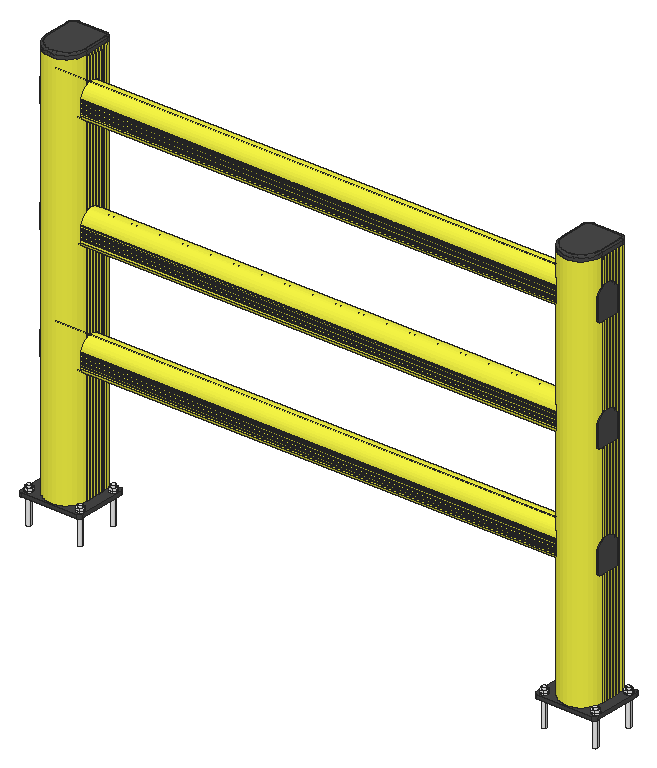
Revit family "Safety & Protection_Barrier_UltiGroup_Pedestrian Guard Rail", category Generic Models, Revit 2016
Family settings
  Part Type = Normal
  Can host rebar = No
  Round Connector Dimension = Use Diameter
  OmniClass Number = 23.40.10.14.27
  OmniClass Title = Bollards
  Work Plane-Based = No
  Always vertical = Yes
  Cut with Voids When Loaded = No
  Shared = No
  Room Calculation Point = No
Parameters (values of type "PED 150")
  URL = "www.ultigroup.co.nz"
  Toll Free Phone = "0800 807 753"
  StyleOrType_ANZRS = ""
  Steel Support Height = 300 mm
  Steel Black = Steel Black
  Stainless Steel = SS Bolts
  Send Message = "http://ultigroup.co.nz/contact-ulti-group/"
  SS Bolts = yes
  Post Distance = 1500 mm
  Plate Length 2 = 160 mm
  Plate Length 1 = 180 mm
  Phone = "07 974 4691"
  PVC Yellow = PVC Yellow
  PVC Post Insert = 10 mm
  PVC Black = PVC Black
  PED 90 = no
  PED 150 = yes
  ModifiedIssue_ANZRS = 0
  Model = "PED 150"
  Manufacturer = "UltiGroup"
  InstallationGroup_ANZRS = 0
  FireRating_ANZRS = ""
  FilterObject_ANZRS = ""
  Fax = "07 846 2467"
  Description = "Impactable PVC Pedestrian Guard Rail"
  CreatedBy_ANZRS = "UltiGroup"
  CreatedByURL_ANZRS = "www.ultigroup.co.nz"
  CreatedByPhoneNo_ANZRS = "07 974 4691"
  Address = "17 McKee Street, Te Rapa, Hamilton, 3200, New Zealand"
  AcousticRating_ANZRS = ""
Reference planes
  plane 1 "Center (Front/Back)": y = 0
  plane 2: z = 0
  plane 3 "Center (Left/Right)": x = 0
  plane 4: x = -750
  plane 5: x = 750
  plane 6: z = 1188
  plane 7: x = -840
  plane 8: x = -660
  plane 9: x = 660
  plane 10: x = 840
  plane 11: y = 80
  plane 12: y = -80
  plane 13: z = 10
  plane 14: z = 1173
  plane 15: x = -808.337
  plane 16: x = -691.673
  plane 17: y = 75.017
  plane 18: y = -75.093
  plane 19: x = 808.337
  plane 20: x = 691.673
  plane 21: z = 300
  plane 22: y = -35
  plane 23: y = 35
  plane 24: z = 350
  plane 25: z = 1010
  plane 26: z = 680
  plane 27: z = 350
  plane 28: z = -80
  plane 29: y = 45
  plane 30: x = -785
  plane 31: x = -715
  plane 32: x = 785
  plane 33: x = 715
  plane 34: x = -810
  plane 35: x = -690
  plane 36: y = 60
  plane 37: y = -60
  plane 38: x = 690
  plane 39: x = 810
  plane 40: z = 1100
  plane 41: z = 1042
  plane 42: z = 408
  plane 43: z = 754
  plane 44: z = 696
Forms (mm)
  Extrusion 1, solid, material "Steel Black" <- "Steel Black", visible <- "PED 150"
    sketch origin (0, 0, 0) x (1, 0, 0) y (0, 1, 0)
      loop
        line (-840, 70) -> (-840, -70)
        arc (-840, -70) -> (-837.071, -77.071) -> (-830, -80) r 10
        line (-830, -80) -> (-670, -80)
        arc (-670, -80) -> (-662.929, -77.071) -> (-660, -70) r 10
        line (-660, -70) -> (-660, 70)
        arc (-660, 70) -> (-662.929, 77.071) -> (-670, 80) r 10
        line (-670, 80) -> (-830, 80)
        arc (-830, 80) -> (-837.071, 77.071) -> (-840, 70) r 10
      loop
        line (660, 70) -> (660, -70)
        arc (660, -70) -> (662.929, -77.071) -> (670, -80) r 10
        line (670, -80) -> (830, -80)
        arc (830, -80) -> (837.071, -77.071) -> (840, -70) r 10
        line (840, -70) -> (840, 70)
        arc (840, 70) -> (837.071, 77.071) -> (830, 80) r 10
        line (830, 80) -> (670, 80)
        arc (670, 80) -> (662.929, 77.071) -> (660, 70) r 10
      loop
        circle (825, 60) r 6
      loop
        circle (825, -60) r 6
      loop
        circle (675, -60) r 6
      loop
        circle (675, 60) r 6
      loop
        circle (-825, 60) r 6
      loop
        circle (-825, -60) r 6
      loop
        circle (-675, -60) r 6
      loop
        circle (-675, 60) r 6
    from 0 to 10
  Extrusion 2, solid, material "PVC Yellow" <- "PVC Yellow", visible <- "PED 150"
    sketch origin (-2440.483, -1524, 10) x (-1, 0, 0) y (0, -1, 0)
      loop
        arc (-1748.81, -1582.369) -> (-1743.934, -1594.141) -> (-1732.162, -1599.017) r 16.648
        line (-1732.162, -1599.017) -> (-1648.821, -1599.017)
        arc (-1648.821, -1599.017) -> (-1637.03, -1594.133) -> (-1632.146, -1582.342) r 16.675
        line (-1632.146, -1582.342) -> (-1632.146, -1572.124)
        arc (-1632.146, -1572.124) -> (-1632.235, -1571.591) -> (-1632.441, -1571.093) r 2.363
        arc (-1632.441, -1571.093) -> (-1632.988, -1568.668) -> (-1632.299, -1566.279) r 4.999
        arc (-1632.299, -1566.279) -> (-1631.323, -1563.561) -> (-1632.014, -1560.756) r 5
        arc (-1632.014, -1560.756) -> (-1632.984, -1558.046) -> (-1632.299, -1555.25) r 5
        arc (-1632.299, -1555.25) -> (-1631.323, -1552.531) -> (-1632.014, -1549.726) r 5
        arc (-1632.014, -1549.726) -> (-1632.984, -1547.016) -> (-1632.3, -1544.22) r 5
        arc (-1632.3, -1544.22) -> (-1631.324, -1541.502) -> (-1632.014, -1538.697) r 5
        arc (-1632.014, -1538.697) -> (-1632.984, -1535.987) -> (-1632.3, -1533.191) r 5
        arc (-1632.3, -1533.191) -> (-1631.324, -1530.471) -> (-1632.015, -1527.666) r 5
        arc (-1632.015, -1527.666) -> (-1632.986, -1524.955) -> (-1632.301, -1522.158) r 5
        arc (-1632.301, -1522.158) -> (-1631.324, -1519.438) -> (-1632.015, -1516.632) r 5
        arc (-1632.015, -1516.632) -> (-1632.967, -1514.162) -> (-1632.526, -1511.552) r 5
        arc (-1632.526, -1511.552) -> (-1632.277, -1510.729) -> (-1632.146, -1509.88) r 6.16
        line (-1632.146, -1509.88) -> (-1632.146, -1507.241)
        arc (-1632.146, -1507.241) -> (-1690.046, -1448.909) -> (-1748.81, -1506.365) r 58.333
        line (-1748.81, -1506.365) -> (-1748.81, -1509.995)
        arc (-1748.81, -1509.995) -> (-1748.677, -1510.786) -> (-1748.441, -1511.553) r 6.16
        arc (-1748.441, -1511.553) -> (-1747.981, -1513.91) -> (-1748.672, -1516.211) r 5
        arc (-1748.672, -1516.211) -> (-1749.643, -1518.921) -> (-1748.957, -1521.718) r 5
        arc (-1748.957, -1521.718) -> (-1747.98, -1524.438) -> (-1748.671, -1527.244) r 5
        arc (-1748.671, -1527.244) -> (-1749.642, -1529.954) -> (-1748.958, -1532.751) r 5
        arc (-1748.958, -1532.751) -> (-1747.981, -1535.469) -> (-1748.672, -1538.274) r 5
        arc (-1748.672, -1538.274) -> (-1749.643, -1540.986) -> (-1748.957, -1543.783) r 5.001
        arc (-1748.957, -1543.783) -> (-1747.982, -1546.5) -> (-1748.671, -1549.304) r 4.999
        arc (-1748.671, -1549.304) -> (-1749.642, -1552.015) -> (-1748.956, -1554.813) r 5
        arc (-1748.956, -1554.813) -> (-1747.981, -1557.53) -> (-1748.67, -1560.333) r 5
        arc (-1748.67, -1560.333) -> (-1749.641, -1563.045) -> (-1748.954, -1565.843) r 5
        arc (-1748.954, -1565.843) -> (-1747.987, -1568.416) -> (-1748.525, -1571.112) r 5.003
        arc (-1748.525, -1571.112) -> (-1748.725, -1571.604) -> (-1748.81, -1572.129) r 2.358
        line (-1748.81, -1572.129) -> (-1748.81, -1582.369)
      loop
        arc (-1648.817, -1507.334) -> (-1690.484, -1465.668) -> (-1732.151, -1507.334) r 41.667
        line (-1732.151, -1507.334) -> (-1732.151, -1570.669)
        arc (-1732.151, -1570.669) -> (-1728.663, -1578.989) -> (-1720.284, -1582.334) r 11.667
        line (-1720.284, -1582.334) -> (-1660.483, -1582.334)
        arc (-1660.483, -1582.334) -> (-1652.234, -1578.917) -> (-1648.817, -1570.668) r 11.666
        line (-1648.817, -1570.668) -> (-1648.817, -1507.334)
      loop
        line (-3132.156, -1582.369) -> (-3132.156, -1572.129)
        arc (-3132.156, -1572.129) -> (-3132.241, -1571.604) -> (-3132.441, -1571.112) r 2.358
        arc (-3132.441, -1571.112) -> (-3132.98, -1568.416) -> (-3132.012, -1565.843) r 5.003
        arc (-3132.012, -1565.843) -> (-3131.325, -1563.045) -> (-3132.296, -1560.333) r 5
        arc (-3132.296, -1560.333) -> (-3132.985, -1557.53) -> (-3132.01, -1554.813) r 5
        arc (-3132.01, -1554.813) -> (-3131.324, -1552.015) -> (-3132.295, -1549.304) r 5
        arc (-3132.295, -1549.304) -> (-3132.984, -1546.5) -> (-3132.009, -1543.783) r 4.999
        arc (-3132.009, -1543.783) -> (-3131.323, -1540.986) -> (-3132.294, -1538.274) r 5.001
        arc (-3132.294, -1538.274) -> (-3132.985, -1535.469) -> (-3132.009, -1532.751) r 5
        arc (-3132.009, -1532.751) -> (-3131.324, -1529.954) -> (-3132.295, -1527.244) r 5
        arc (-3132.295, -1527.244) -> (-3132.986, -1524.438) -> (-3132.009, -1521.718) r 5
        arc (-3132.009, -1521.718) -> (-3131.324, -1518.921) -> (-3132.294, -1516.211) r 5
        arc (-3132.294, -1516.211) -> (-3132.986, -1513.91) -> (-3132.525, -1511.553) r 5
        arc (-3132.525, -1511.553) -> (-3132.29, -1510.786) -> (-3132.156, -1509.995) r 6.16
        line (-3132.156, -1509.995) -> (-3132.156, -1506.365)
        arc (-3132.156, -1506.365) -> (-3190.921, -1448.909) -> (-3248.82, -1507.241) r 58.333
        line (-3248.82, -1507.241) -> (-3248.82, -1509.88)
        arc (-3248.82, -1509.88) -> (-3248.689, -1510.729) -> (-3248.44, -1511.552) r 6.16
        arc (-3248.44, -1511.552) -> (-3247.999, -1514.162) -> (-3248.951, -1516.632) r 5
        arc (-3248.951, -1516.632) -> (-3249.643, -1519.438) -> (-3248.666, -1522.158) r 5
        arc (-3248.666, -1522.158) -> (-3247.98, -1524.955) -> (-3248.951, -1527.666) r 5
        arc (-3248.951, -1527.666) -> (-3249.643, -1530.471) -> (-3248.666, -1533.191) r 5
        arc (-3248.666, -1533.191) -> (-3247.982, -1535.987) -> (-3248.952, -1538.697) r 5
        arc (-3248.952, -1538.697) -> (-3249.643, -1541.502) -> (-3248.667, -1544.22) r 5
        arc (-3248.667, -1544.22) -> (-3247.982, -1547.016) -> (-3248.952, -1549.726) r 5
        arc (-3248.952, -1549.726) -> (-3249.643, -1552.531) -> (-3248.667, -1555.25) r 5
        arc (-3248.667, -1555.25) -> (-3247.982, -1558.046) -> (-3248.953, -1560.756) r 5
        arc (-3248.953, -1560.756) -> (-3249.643, -1563.561) -> (-3248.667, -1566.279) r 5
        arc (-3248.667, -1566.279) -> (-3247.978, -1568.668) -> (-3248.525, -1571.093) r 4.999
        arc (-3248.525, -1571.093) -> (-3248.732, -1571.591) -> (-3248.82, -1572.124) r 2.363
        line (-3248.82, -1572.124) -> (-3248.82, -1582.342)
        arc (-3248.82, -1582.342) -> (-3243.936, -1594.133) -> (-3232.145, -1599.017) r 16.675
        line (-3232.145, -1599.017) -> (-3148.804, -1599.017)
        arc (-3148.804, -1599.017) -> (-3137.032, -1594.141) -> (-3132.156, -1582.369) r 16.648
      loop
        line (-3232.149, -1507.334) -> (-3232.149, -1570.668)
        arc (-3232.149, -1570.668) -> (-3228.732, -1578.917) -> (-3220.483, -1582.334) r 11.666
        line (-3220.483, -1582.334) -> (-3160.682, -1582.334)
        arc (-3160.682, -1582.334) -> (-3152.304, -1578.989) -> (-3148.816, -1570.669) r 11.667
        line (-3148.816, -1570.669) -> (-3148.816, -1507.334)
        arc (-3148.816, -1507.334) -> (-3190.482, -1465.668) -> (-3232.149, -1507.334) r 41.667
    from 0 to 1163
  Extrusion 3, void
    sketch origin (-660, 266.183, 1200) x (0, -1, 0) y (0, 0, 1)
      loop
        line (302.184, -180) -> (302.184, -135.027)
        arc (302.184, -135.027) -> (266.184, -99.027) -> (230.183, -135.027) r 36
        line (230.183, -135.027) -> (230.183, -179.999)
        arc (230.183, -179.999) -> (231.926, -185.941) -> (236.603, -190) r 11
        line (236.603, -190) -> (295.766, -190)
        arc (295.766, -190) -> (300.441, -185.941) -> (302.184, -180) r 11
      loop
        line (302.184, -510) -> (302.184, -465.027)
        arc (302.184, -465.027) -> (266.184, -429.027) -> (230.183, -465.027) r 36
        line (230.183, -465.027) -> (230.183, -509.999)
        arc (230.183, -509.999) -> (231.926, -515.941) -> (236.603, -520) r 11
        line (236.603, -520) -> (295.766, -520)
        arc (295.766, -520) -> (300.441, -515.941) -> (302.184, -510) r 11
      loop
        line (302.184, -840) -> (302.184, -795.027)
        arc (302.184, -795.027) -> (266.184, -759.027) -> (230.183, -795.027) r 36
        line (230.183, -795.027) -> (230.183, -839.999)
        arc (230.183, -839.999) -> (231.926, -845.941) -> (236.603, -850) r 11
        line (236.603, -850) -> (295.766, -850)
        arc (295.766, -850) -> (300.441, -845.941) -> (302.184, -840) r 11
    from 180 to 0
  Extrusion 4, void
    sketch origin (840, 266.183, 1200) x (0, -1, 0) y (0, 0, 1)
      loop
        arc (295.766, -850) -> (300.441, -845.941) -> (302.184, -840) r 11
        line (302.184, -840) -> (302.184, -795.027)
        arc (302.184, -795.027) -> (266.184, -759.027) -> (230.183, -795.027) r 36
        line (230.183, -795.027) -> (230.183, -839.999)
        arc (230.183, -839.999) -> (231.926, -845.941) -> (236.603, -850) r 11
        line (236.603, -850) -> (295.766, -850)
      loop
        arc (295.766, -520) -> (300.441, -515.941) -> (302.184, -510) r 11
        line (302.184, -510) -> (302.184, -465.027)
        arc (302.184, -465.027) -> (266.184, -429.027) -> (230.183, -465.027) r 36
        line (230.183, -465.027) -> (230.183, -509.999)
        arc (230.183, -509.999) -> (231.926, -515.941) -> (236.603, -520) r 11
        line (236.603, -520) -> (295.766, -520)
      loop
        arc (295.766, -190) -> (300.441, -185.941) -> (302.184, -180) r 11
        line (302.184, -180) -> (302.184, -135.027)
        arc (302.184, -135.027) -> (266.184, -99.027) -> (230.183, -135.027) r 36
        line (230.183, -135.027) -> (230.183, -179.999)
        arc (230.183, -179.999) -> (231.926, -185.941) -> (236.603, -190) r 11
        line (236.603, -190) -> (295.766, -190)
    from 180 to 0
  Sweep 5, solid, material "PVC Black" <- "PVC Black", visible <- "PED 150"
    path in 3D
      loop
        arc (-791.662, 75.017, 1173) -> (-803.453, 70.133, 1173) -> (-808.337, 58.342, 1173) r 16.675
        line (-808.337, 58.342, 1173) -> (-808.337, -16.759, 1173)
        arc (-808.337, -16.759, 1173) -> (-750.437, -75.091, 1173) -> (-691.673, -17.635, 1173) r 58.333
        line (-691.673, -17.635, 1173) -> (-691.673, 58.369, 1173)
        arc (-691.673, 58.369, 1173) -> (-696.549, 70.141, 1173) -> (-708.321, 75.017, 1173) r 16.648
        line (-708.321, 75.017, 1173) -> (-791.662, 75.017, 1173)
    profile origin (-749.991, 75.017, 1173) x (0, -1, 0) y (0, 0, 1)
      loop
        line (5, 0) -> (5, 15)
        arc (5, 15) -> (1.464, 13.536) -> (0, 10) r 5
        line (0, 10) -> (0, 0) -> (5, 0)
  Extrusion 6, solid, material "PVC Black" <- "PVC Black", visible <- "PED 150"
    sketch origin (-2440.483, -1524, 1173) x (-1, 0, 0) y (0, -1, 0)
      loop
        arc (-1637.146, -1507.241) -> (-1690.065, -1453.909) -> (-1743.81, -1506.403) r 53.333
        line (-1743.81, -1506.403) -> (-1743.81, -1582.369)
        arc (-1743.81, -1582.369) -> (-1740.399, -1590.605) -> (-1732.162, -1594.017) r 11.648
        line (-1732.162, -1594.017) -> (-1648.821, -1594.017)
        arc (-1648.821, -1594.017) -> (-1640.566, -1590.597) -> (-1637.146, -1582.342) r 11.675
        line (-1637.146, -1582.342) -> (-1637.146, -1507.241)
      loop
        arc (-3243.82, -1582.342) -> (-3240.4, -1590.597) -> (-3232.145, -1594.017) r 11.675
        line (-3232.145, -1594.017) -> (-3148.804, -1594.017)
        arc (-3148.804, -1594.017) -> (-3140.568, -1590.605) -> (-3137.156, -1582.369) r 11.648
        line (-3137.156, -1582.369) -> (-3137.156, -1506.403)
        arc (-3137.156, -1506.403) -> (-3190.901, -1453.909) -> (-3243.816, -1507.241) r 53.333
        line (-3243.816, -1507.241) -> (-3243.82, -1582.342)
    from 0 to 15
  Extrusion 7, solid, material "PVC Black" <- "PVC Black", visible <- "PED 150"
    sketch origin (808.337, 266.183, 1200) x (0, 1, 0) y (0, 0, -1)
      loop
        arc (-302.184, 135.027) -> (-266.184, 99.027) -> (-230.183, 135.027) r 36
        line (-230.183, 135.027) -> (-230.183, 179.999)
        arc (-230.183, 179.999) -> (-231.926, 185.941) -> (-236.603, 190) r 11
        line (-236.603, 190) -> (-295.766, 190)
        arc (-295.766, 190) -> (-300.441, 185.941) -> (-302.184, 180) r 11
        line (-302.184, 180) -> (-302.184, 135.027)
      loop
        arc (-295.766, 520) -> (-300.441, 515.941) -> (-302.184, 510) r 11
        line (-302.184, 510) -> (-302.184, 465.027)
        arc (-302.184, 465.027) -> (-266.184, 429.027) -> (-230.183, 465.027) r 36
        line (-230.183, 465.027) -> (-230.183, 509.999)
        arc (-230.183, 509.999) -> (-231.926, 515.941) -> (-236.603, 520) r 11
        line (-236.603, 520) -> (-295.766, 520)
      loop
        arc (-302.184, 795.027) -> (-266.184, 759.027) -> (-230.183, 795.027) r 36
        line (-230.183, 795.027) -> (-230.183, 839.999)
        arc (-230.183, 839.999) -> (-231.926, 845.941) -> (-236.603, 850) r 11
        line (-236.603, 850) -> (-295.766, 850)
        arc (-295.766, 850) -> (-300.441, 845.941) -> (-302.184, 840) r 11
        line (-302.184, 840) -> (-302.184, 795.027)
    from -5 to 0
  Extrusion 8, solid, material "PVC Black" <- "PVC Black", visible <- "PED 150"
    sketch origin (-808.337, 266.183, 1200) x (0, 1, 0) y (0, 0, 1)
      loop
        arc (-236.603, -190) -> (-231.926, -185.941) -> (-230.183, -179.999) r 11
        line (-230.183, -179.999) -> (-230.183, -135.027)
        arc (-230.183, -135.027) -> (-266.184, -99.027) -> (-302.184, -135.027) r 36
        line (-302.184, -135.027) -> (-302.184, -180)
        arc (-302.184, -180) -> (-300.441, -185.941) -> (-295.766, -190) r 11
        line (-295.766, -190) -> (-236.603, -190)
      loop
        arc (-236.603, -520) -> (-231.926, -515.941) -> (-230.183, -509.999) r 11
        line (-230.183, -509.999) -> (-230.183, -465.027)
        arc (-230.183, -465.027) -> (-266.184, -429.027) -> (-302.184, -465.027) r 36
        line (-302.184, -465.027) -> (-302.184, -510)
        arc (-302.184, -510) -> (-300.441, -515.941) -> (-295.766, -520) r 11
        line (-295.766, -520) -> (-236.603, -520)
      loop
        arc (-236.603, -850) -> (-231.926, -845.941) -> (-230.183, -839.999) r 11
        line (-230.183, -839.999) -> (-230.183, -795.027)
        arc (-230.183, -795.027) -> (-266.184, -759.027) -> (-302.184, -795.027) r 36
        line (-302.184, -795.027) -> (-302.184, -840)
        arc (-302.184, -840) -> (-300.441, -845.941) -> (-295.766, -850) r 11
        line (-295.766, -850) -> (-236.603, -850)
    from -5 to 0
  Extrusion 9, solid, material "SS Bolts" <- "Stainless Steel", visible <- "PED 150"
    sketch origin (-2440.483, -1524, -80) x (-1, 0, 0) y (0, -1, 0)
      loop
        circle (-1615.483, -1584) r 6
      loop
        circle (-1765.483, -1584) r 6
      loop
        circle (-1615.483, -1464) r 6
      loop
        circle (-1765.483, -1464) r 6
      loop
        circle (-3265.483, -1584) r 6
      loop
        circle (-3115.483, -1584) r 6
      loop
        circle (-3265.483, -1464) r 6
      loop
        circle (-3115.483, -1464) r 6
    from 0 to 105
  Extrusion 10, solid, material "SS Bolts" <- "Stainless Steel", visible <- "PED 150"
    sketch origin (0, 0, 10) x (1, 0, 0) y (0, 1, 0)
      loop
        circle (-825, 60) r 6
      loop
        circle (-675, 60) r 6
      loop
        circle (-675, -60) r 6
      loop
        circle (-825, -60) r 6
      loop
        circle (825, -60) r 6
      loop
        circle (675, -60) r 6
      loop
        circle (825, 60) r 6
      loop
        circle (675, 60) r 6
      loop
        circle (-825, 60) r 11
      loop
        circle (-675, 60) r 11
      loop
        circle (-675, -60) r 11
      loop
        circle (-825, -60) r 11
      loop
        circle (825, 60) r 11
      loop
        circle (675, 60) r 11
      loop
        circle (675, -60) r 11
      loop
        circle (825, -60) r 11
    from 0 to 2
  Extrusion 11, solid, material "SS Bolts" <- "Stainless Steel", visible <- "PED 150"
    sketch origin (0, 0, 12) x (1, 0, 0) y (0, 1, 0)
      loop
        line (-814, 60) -> (-819.5, 69.526) -> (-830.5, 69.526) -> (-836, 60) -> (-830.5, 50.474) -> (-819.5, 50.474) -> (-814, 60)
      loop
        circle (-825, 60) r 6
      loop
        circle (-675, 60) r 6
      loop
        circle (-675, -60) r 6
      loop
        circle (-825, -60) r 6
      loop
        circle (825, -60) r 6
      loop
        circle (675, -60) r 6
      loop
        circle (675, 60) r 6
      loop
        circle (825, 60) r 6
      loop
        line (-664, 60) -> (-669.5, 69.526) -> (-680.5, 69.526) -> (-686, 60) -> (-680.5, 50.474) -> (-669.5, 50.474) -> (-664, 60)
      loop
        line (-664, -60) -> (-669.5, -50.474) -> (-680.5, -50.474) -> (-686, -60) -> (-680.5, -69.526) -> (-669.5, -69.526) -> (-664, -60)
      loop
        line (-814, -60) -> (-819.5, -50.474) -> (-830.5, -50.474) -> (-836, -60) -> (-830.5, -69.526) -> (-819.5, -69.526) -> (-814, -60)
      loop
        line (686, 60) -> (680.5, 69.526) -> (669.5, 69.526) -> (664, 60) -> (669.5, 50.474) -> (680.5, 50.474) -> (686, 60)
      loop
        line (836, 60) -> (830.5, 69.526) -> (819.5, 69.526) -> (814, 60) -> (819.5, 50.474) -> (830.5, 50.474) -> (836, 60)
      loop
        line (836, -60) -> (830.5, -50.474) -> (819.5, -50.474) -> (814, -60) -> (819.5, -69.526) -> (830.5, -69.526) -> (836, -60)
      loop
        line (686, -60) -> (680.5, -50.474) -> (669.5, -50.474) -> (664, -60) -> (669.5, -69.526) -> (680.5, -69.526) -> (686, -60)
    from 0 to 8
  Extrusion 12, solid, material "SS Bolts" <- "Stainless Steel", visible <- "PED 150"
    sketch origin (0, 0, 0) x (1, 0, 0) y (0, 1, 0)
      loop
        arc (-780, 58.334) -> (-788.249, 54.917) -> (-791.666, 46.668) r 11.666
        line (-791.666, 46.668) -> (-791.666, -16.666)
        arc (-791.666, -16.666) -> (-749.999, -58.332) -> (-708.333, -16.666) r 41.667
        line (-708.333, -16.666) -> (-708.333, 46.669)
        arc (-708.333, 46.669) -> (-711.821, 54.989) -> (-720.199, 58.334) r 11.667
        line (-720.199, 58.334) -> (-780, 58.334)
      loop
        arc (-710.333, 46.669) -> (-713.228, 53.568) -> (-720.181, 56.334) r 9.667
        line (-720.181, 56.334) -> (-780, 56.334)
        arc (-780, 56.334) -> (-786.835, 53.503) -> (-789.666, 46.668) r 9.666
        line (-789.666, 46.668) -> (-789.666, -16.666)
        arc (-789.666, -16.666) -> (-749.999, -56.332) -> (-710.333, -16.666) r 39.667
        line (-710.333, -16.666) -> (-710.333, 46.669)
      loop
        arc (720.199, 58.334) -> (711.821, 54.989) -> (708.333, 46.669) r 11.667
        line (708.333, 46.669) -> (708.333, -16.666)
        arc (708.333, -16.666) -> (749.999, -58.332) -> (791.666, -16.666) r 41.667
        line (791.666, -16.666) -> (791.666, 46.668)
        arc (791.666, 46.668) -> (788.249, 54.917) -> (780, 58.334) r 11.666
        line (780, 58.334) -> (720.199, 58.334)
      loop
        arc (720.181, 56.334) -> (713.228, 53.568) -> (710.333, 46.669) r 9.667
        line (710.333, 46.669) -> (710.333, -16.666)
        arc (710.333, -16.666) -> (749.999, -56.332) -> (789.666, -16.666) r 39.667
        line (789.666, -16.666) -> (789.666, 46.668)
        arc (789.666, 46.668) -> (786.835, 53.503) -> (780, 56.334) r 9.666
        line (780, 56.334) -> (720.181, 56.334)
    from 0 to 300
  Extrusion 13, solid, material "PVC Yellow" <- "PVC Yellow", visible <- "PED 90"
    sketch origin (-2440.483, -1524, 10) x (-1, 0, 0) y (0, -1, 0)
      loop
        arc (-1655.483, -1514.055) -> (-1690.432, -1479.055) -> (-1725.483, -1513.953) r 35
        line (-1725.483, -1513.953) -> (-1725.483, -1515.557)
        arc (-1725.483, -1515.557) -> (-1725.403, -1516.052) -> (-1725.258, -1516.531) r 3.696
        arc (-1725.258, -1516.531) -> (-1724.981, -1517.945) -> (-1725.396, -1519.325) r 3
        arc (-1725.396, -1519.325) -> (-1725.979, -1520.952) -> (-1725.568, -1522.63) r 3
        arc (-1725.568, -1522.63) -> (-1724.982, -1524.262) -> (-1725.396, -1525.946) r 3
        arc (-1725.396, -1525.946) -> (-1725.979, -1527.572) -> (-1725.568, -1529.25) r 3
        arc (-1725.568, -1529.25) -> (-1724.982, -1530.881) -> (-1725.397, -1532.564) r 3
        arc (-1725.397, -1532.564) -> (-1725.979, -1534.19) -> (-1725.568, -1535.868) r 3
        arc (-1725.568, -1535.868) -> (-1724.982, -1537.499) -> (-1725.397, -1539.182) r 3
        arc (-1725.397, -1539.182) -> (-1725.979, -1540.808) -> (-1725.568, -1542.485) r 3
        arc (-1725.568, -1542.485) -> (-1724.982, -1544.117) -> (-1725.397, -1545.8) r 3
        arc (-1725.397, -1545.8) -> (-1725.979, -1547.426) -> (-1725.568, -1549.103) r 3
        arc (-1725.568, -1549.103) -> (-1724.979, -1550.815) -> (-1725.483, -1552.554) r 3
        line (-1725.483, -1552.554) -> (-1725.483, -1559)
        arc (-1725.483, -1559) -> (-1722.554, -1566.071) -> (-1715.483, -1569) r 10
        line (-1715.483, -1569) -> (-1665.483, -1569)
        arc (-1665.483, -1569) -> (-1658.447, -1566.106) -> (-1655.483, -1559.099) r 10.001
        line (-1655.483, -1559.099) -> (-1655.483, -1553.03)
        arc (-1655.483, -1553.03) -> (-1655.516, -1552.63) -> (-1655.659, -1552.256) r 1.417
        arc (-1655.659, -1552.256) -> (-1655.987, -1550.8) -> (-1655.573, -1549.367) r 3
        arc (-1655.573, -1549.367) -> (-1654.988, -1547.736) -> (-1655.402, -1546.053) r 3
        arc (-1655.402, -1546.053) -> (-1655.984, -1544.427) -> (-1655.573, -1542.749) r 3
        arc (-1655.573, -1542.749) -> (-1654.987, -1541.118) -> (-1655.402, -1539.435) r 3
        arc (-1655.402, -1539.435) -> (-1655.984, -1537.809) -> (-1655.573, -1536.132) r 3
        arc (-1655.573, -1536.132) -> (-1654.987, -1534.5) -> (-1655.402, -1532.818) r 3
        arc (-1655.402, -1532.818) -> (-1655.984, -1531.192) -> (-1655.573, -1529.514) r 3
        arc (-1655.573, -1529.514) -> (-1654.987, -1527.882) -> (-1655.402, -1526.199) r 3
        arc (-1655.402, -1526.199) -> (-1655.985, -1524.572) -> (-1655.573, -1522.894) r 3
        arc (-1655.573, -1522.894) -> (-1654.987, -1521.262) -> (-1655.402, -1519.579) r 3
        arc (-1655.402, -1519.579) -> (-1655.974, -1518.097) -> (-1655.709, -1516.531) r 3
        arc (-1655.709, -1516.531) -> (-1655.563, -1516.051) -> (-1655.483, -1515.556) r 3.696
        line (-1655.483, -1515.556) -> (-1655.483, -1514.055)
      loop
        arc (-1665.483, -1514) -> (-1690.483, -1489) -> (-1715.483, -1514) r 25
        line (-1715.483, -1514) -> (-1715.483, -1552)
        arc (-1715.483, -1552) -> (-1713.391, -1556.992) -> (-1708.364, -1558.999) r 7
        line (-1708.364, -1558.999) -> (-1672.483, -1558.999)
        arc (-1672.483, -1558.999) -> (-1667.534, -1556.949) -> (-1665.483, -1551.999) r 7
        line (-1665.483, -1551.999) -> (-1665.483, -1514)
      loop
        line (-3215.483, -1569) -> (-3165.483, -1569)
        arc (-3165.483, -1569) -> (-3158.412, -1566.07) -> (-3155.483, -1558.999) r 10
        line (-3155.483, -1558.999) -> (-3155.483, -1553.03)
        arc (-3155.483, -1553.03) -> (-3155.516, -1552.63) -> (-3155.659, -1552.256) r 1.417
        arc (-3155.659, -1552.256) -> (-3155.987, -1550.8) -> (-3155.573, -1549.367) r 3
        arc (-3155.573, -1549.367) -> (-3154.988, -1547.736) -> (-3155.402, -1546.053) r 3
        arc (-3155.402, -1546.053) -> (-3155.984, -1544.427) -> (-3155.573, -1542.749) r 3
        arc (-3155.573, -1542.749) -> (-3154.987, -1541.118) -> (-3155.402, -1539.435) r 3
        arc (-3155.402, -1539.435) -> (-3155.984, -1537.809) -> (-3155.573, -1536.132) r 3
        arc (-3155.573, -1536.132) -> (-3154.987, -1534.5) -> (-3155.402, -1532.818) r 3
        arc (-3155.402, -1532.818) -> (-3155.984, -1531.192) -> (-3155.573, -1529.514) r 3
        arc (-3155.573, -1529.514) -> (-3154.987, -1527.882) -> (-3155.402, -1526.199) r 3
        arc (-3155.402, -1526.199) -> (-3155.985, -1524.572) -> (-3155.573, -1522.894) r 3
        arc (-3155.573, -1522.894) -> (-3154.987, -1521.262) -> (-3155.402, -1519.579) r 3
        arc (-3155.402, -1519.579) -> (-3155.974, -1518.097) -> (-3155.708, -1516.531) r 3
        arc (-3155.708, -1516.531) -> (-3155.563, -1516.051) -> (-3155.483, -1515.556) r 3.696
        line (-3155.483, -1515.556) -> (-3155.483, -1514.04)
        arc (-3155.483, -1514.04) -> (-3190.483, -1479.04) -> (-3225.483, -1514.04) r 35
        line (-3225.483, -1514.04) -> (-3225.483, -1515.557)
        arc (-3225.483, -1515.557) -> (-3225.403, -1516.052) -> (-3225.258, -1516.531) r 3.696
        arc (-3225.258, -1516.531) -> (-3224.981, -1517.945) -> (-3225.396, -1519.325) r 3
        arc (-3225.396, -1519.325) -> (-3225.979, -1520.952) -> (-3225.568, -1522.63) r 3
        arc (-3225.568, -1522.63) -> (-3224.982, -1524.262) -> (-3225.396, -1525.946) r 3
        arc (-3225.396, -1525.946) -> (-3225.979, -1527.572) -> (-3225.568, -1529.25) r 3
        arc (-3225.568, -1529.25) -> (-3224.982, -1530.881) -> (-3225.397, -1532.564) r 3
        arc (-3225.397, -1532.564) -> (-3225.979, -1534.19) -> (-3225.568, -1535.868) r 3
        arc (-3225.568, -1535.868) -> (-3224.982, -1537.499) -> (-3225.397, -1539.182) r 3
        arc (-3225.397, -1539.182) -> (-3225.979, -1540.808) -> (-3225.568, -1542.485) r 3
        arc (-3225.568, -1542.485) -> (-3224.982, -1544.117) -> (-3225.397, -1545.8) r 3
        arc (-3225.397, -1545.8) -> (-3225.979, -1547.426) -> (-3225.568, -1549.103) r 3
        arc (-3225.568, -1549.103) -> (-3224.979, -1550.815) -> (-3225.483, -1552.554) r 3
        line (-3225.483, -1552.554) -> (-3225.483, -1559)
        arc (-3225.483, -1559) -> (-3222.554, -1566.071) -> (-3215.483, -1569) r 10
      loop
        arc (-3165.483, -1514) -> (-3190.483, -1489) -> (-3215.483, -1514) r 25
        line (-3215.483, -1514) -> (-3215.483, -1552)
        arc (-3215.483, -1552) -> (-3213.391, -1556.992) -> (-3208.364, -1558.999) r 7
        line (-3208.364, -1558.999) -> (-3172.483, -1558.999)
        arc (-3172.483, -1558.999) -> (-3167.534, -1556.949) -> (-3165.483, -1551.999) r 7
        line (-3165.483, -1551.999) -> (-3165.483, -1514)
    from 0 to 1163
  Sweep 14, solid, material "PVC Black" <- "PVC Black", visible <- "PED 90"
    path in 3D
      loop
        arc (-775, 45, 1173) -> (-782.036, 42.106, 1173) -> (-785, 35.099, 1173) r 10.001
        line (-785, 35.099, 1173) -> (-785, -9.945, 1173)
        arc (-785, -9.945, 1173) -> (-750.051, -44.945, 1173) -> (-715, -10.047, 1173) r 35
        line (-715, -10.047, 1173) -> (-715, 35, 1173)
        arc (-715, 35, 1173) -> (-717.929, 42.071, 1173) -> (-725, 45, 1173) r 10
        line (-725, 45, 1173) -> (-775, 45, 1173)
    profile origin (-750, 45, 1173) x (0, -1, 0) y (0, 0, 1)
      loop
        line (5, 0) -> (5, 15)
        arc (5, 15) -> (1.464, 13.536) -> (0, 10) r 5
        line (0, 10) -> (0, 0) -> (5, 0)
  Sweep 15, solid, material "PVC Black" <- "PVC Black", visible <- "PED 90"
    path in 3D
      loop
        arc (725, 44.999, 1173) -> (717.929, 42.07, 1173) -> (715, 34.999, 1173) r 10
        line (715, 34.999, 1173) -> (715, -9.96, 1173)
        arc (715, -9.96, 1173) -> (750, -44.96, 1173) -> (785, -9.96, 1173) r 35
        line (785, -9.96, 1173) -> (785, 35, 1173)
        arc (785, 35, 1173) -> (782.071, 42.071, 1173) -> (775, 45, 1173) r 10
        line (775, 45, 1173) -> (725, 44.999, 1173)
    profile origin (750, 45, 1173) x (0, -1, 0) y (0, 0, 1)
      loop
        line (5, 0) -> (5, 15)
        arc (5, 15) -> (1.464, 13.536) -> (0, 10) r 5
        line (0, 10) -> (0, 0) -> (5, 0)
  Extrusion 16, solid, material "PVC Black" <- "PVC Black", visible <- "PED 90"
    sketch origin (-2440.483, -1524, 1173) x (-1, 0, 0) y (0, -1, 0)
      loop
        line (-1660.483, -1559.07) -> (-1660.483, -1514.055)
        arc (-1660.483, -1514.055) -> (-1690.435, -1484.055) -> (-1720.483, -1513.958) r 30
        line (-1720.483, -1513.958) -> (-1720.483, -1559)
        arc (-1720.483, -1559) -> (-1719.018, -1562.535) -> (-1715.483, -1564) r 5
        line (-1715.483, -1564) -> (-1665.483, -1564)
        arc (-1665.483, -1564) -> (-1661.973, -1562.56) -> (-1660.483, -1559.07) r 5.001
      loop
        line (-3160.483, -1558.999) -> (-3160.483, -1514.04)
        arc (-3160.483, -1514.04) -> (-3190.517, -1484.04) -> (-3220.483, -1514.107) r 30
        line (-3220.483, -1514.107) -> (-3220.483, -1559)
        arc (-3220.483, -1559) -> (-3219.018, -1562.535) -> (-3215.483, -1564) r 5
        line (-3215.483, -1564) -> (-3165.484, -1564)
        arc (-3165.484, -1564) -> (-3161.948, -1562.535) -> (-3160.483, -1558.999) r 5
    from 0 to 15
  Extrusion 17, void
    sketch origin (691.673, 266.183, 1200) x (0, -1, 0) y (0, 0, -1)
      loop
        line (273.479, 850) -> (233.892, 850)
        arc (233.892, 850) -> (231.187, 847.297) -> (230.185, 843.606) r 7.429
        line (230.185, 843.606) -> (230.185, 814.706)
        arc (230.185, 814.706) -> (253.599, 791.142) -> (277.185, 814.533) r 23.5
        line (277.185, 814.533) -> (277.185, 843.571)
        arc (277.185, 843.571) -> (276.192, 847.282) -> (273.479, 850) r 7.429
      loop
        arc (277.185, 497.571) -> (276.192, 501.282) -> (273.479, 504) r 7.429
        line (273.479, 504) -> (233.892, 504)
        arc (233.892, 504) -> (231.187, 501.297) -> (230.185, 497.606) r 7.429
        line (230.185, 497.606) -> (230.185, 468.706)
        arc (230.185, 468.706) -> (253.599, 445.142) -> (277.185, 468.533) r 23.5
        line (277.185, 468.533) -> (277.185, 497.571)
      loop
        arc (277.185, 151.571) -> (276.192, 155.282) -> (273.479, 158) r 7.429
        line (273.479, 158) -> (233.892, 158)
        arc (233.892, 158) -> (231.187, 155.297) -> (230.185, 151.606) r 7.429
        line (230.185, 151.606) -> (230.185, 122.706)
        arc (230.185, 122.706) -> (253.599, 99.142) -> (277.185, 122.533) r 23.5
        line (277.185, 122.533) -> (277.185, 151.571)
    from 0 to 117
  Extrusion 18, void
    sketch origin (-808.337, 266.183, 1200) x (0, -1, 0) y (0, 0, 1)
      loop
        line (233.892, -850) -> (273.479, -850)
        arc (273.479, -850) -> (276.192, -847.282) -> (277.185, -843.571) r 7.429
        line (277.185, -843.571) -> (277.185, -814.533)
        arc (277.185, -814.533) -> (253.599, -791.142) -> (230.185, -814.706) r 23.5
        line (230.185, -814.706) -> (230.185, -843.606)
        arc (230.185, -843.606) -> (231.187, -847.297) -> (233.892, -850) r 7.429
      loop
        line (233.892, -504) -> (273.479, -504)
        arc (273.479, -504) -> (276.192, -501.282) -> (277.185, -497.571) r 7.429
        line (277.185, -497.571) -> (277.185, -468.533)
        arc (277.185, -468.533) -> (253.599, -445.142) -> (230.185, -468.706) r 23.5
        line (230.185, -468.706) -> (230.185, -497.606)
        arc (230.185, -497.606) -> (231.187, -501.297) -> (233.892, -504) r 7.429
      loop
        line (233.892, -158) -> (273.479, -158)
        arc (273.479, -158) -> (276.192, -155.282) -> (277.185, -151.571) r 7.429
        line (277.185, -151.571) -> (277.185, -122.533)
        arc (277.185, -122.533) -> (253.599, -99.142) -> (230.185, -122.706) r 23.5
        line (230.185, -122.706) -> (230.185, -151.606)
        arc (230.185, -151.606) -> (231.187, -155.297) -> (233.892, -158) r 7.429
    from -117 to 0
  Sweep 19, solid, material "PVC Black" <- "PVC Black", visible <- "PED 150"
    path in 3D
      loop
        arc (808.337, 58.342, 1173) -> (803.453, 70.133, 1173) -> (791.662, 75.017, 1173) r 16.675
        line (791.662, 75.017, 1173) -> (708.321, 75.017, 1173)
        arc (708.321, 75.017, 1173) -> (696.549, 70.141, 1173) -> (691.673, 58.369, 1173) r 16.648
        line (691.673, 58.369, 1173) -> (691.673, -17.635, 1173)
        arc (691.673, -17.635, 1173) -> (750.437, -75.091, 1173) -> (808.333, -16.759, 1173) r 58.333
        line (808.333, -16.759, 1173) -> (808.337, 58.342, 1173)
    profile origin (808.337, 20.791, 1173) x (-1, 0, 0) y (0, 0, 1)
      loop
        line (0, 10) -> (0, 0) -> (5, 0) -> (5, 15)
        arc (5, 15) -> (1.464, 13.536) -> (0, 10) r 5
  Sweep 20, solid, material "PVC Black" <- "PVC Black", visible <- "PED 90"
    path in 3D
      loop
        arc (-775, 45, 1173) -> (-782.036, 42.106, 1173) -> (-785, 35.099, 1173) r 10.001
        line (-785, 35.099, 1173) -> (-785, -9.945, 1173)
        arc (-785, -9.945, 1173) -> (-750.051, -44.945, 1173) -> (-715, -10.047, 1173) r 35
        line (-715, -10.047, 1173) -> (-715, 35, 1173)
        arc (-715, 35, 1173) -> (-717.929, 42.071, 1173) -> (-725, 45, 1173) r 10
        line (-725, 45, 1173) -> (-775, 45, 1173)
    profile origin (-750, 45, 1173) x (0, -1, 0) y (0, 0, 1)
      loop
        line (5, 0) -> (5, 15)
        arc (5, 15) -> (1.464, 13.536) -> (0, 10) r 5
        line (0, 10) -> (0, 0) -> (5, 0)
  Sweep 21, solid, material "PVC Black" <- "PVC Black", visible <- "PED 90"
    path in 3D
      loop
        arc (725, 44.999, 1173) -> (717.929, 42.07, 1173) -> (715, 34.999, 1173) r 10
        line (715, 34.999, 1173) -> (715, -9.96, 1173)
        arc (715, -9.96, 1173) -> (750, -44.96, 1173) -> (785, -9.96, 1173) r 35
        line (785, -9.96, 1173) -> (785, 35, 1173)
        arc (785, 35, 1173) -> (782.071, 42.071, 1173) -> (775, 45, 1173) r 10
        line (775, 45, 1173) -> (725, 44.999, 1173)
    profile origin (750, 45, 1173) x (0, -1, 0) y (0, 0, 1)
      loop
        line (5, 0) -> (5, 15)
        arc (5, 15) -> (1.464, 13.536) -> (0, 10) r 5
        line (0, 10) -> (0, 0) -> (5, 0)
  Extrusion 22, solid, material "PVC Black" <- "PVC Black", visible <- "PED 150"
    sketch origin (-2440.483, -1524, 1173) x (-1, 0, 0) y (0, -1, 0)
      loop
        line (-1637.147, -1582.342) -> (-1637.147, -1507.241)
        arc (-1637.147, -1507.241) -> (-1690.063, -1453.907) -> (-1743.81, -1506.403) r 53.335
        line (-1743.81, -1506.403) -> (-1743.81, -1582.369)
        arc (-1743.81, -1582.369) -> (-1740.399, -1590.605) -> (-1732.162, -1594.017) r 11.648
        line (-1732.162, -1594.017) -> (-1648.822, -1594.017)
        arc (-1648.822, -1594.017) -> (-1640.566, -1590.597) -> (-1637.147, -1582.342) r 11.675
      loop
        arc (-3137.156, -1506.403) -> (-3190.903, -1453.907) -> (-3243.819, -1507.241) r 53.335
        line (-3243.819, -1507.241) -> (-3243.819, -1582.342)
        arc (-3243.819, -1582.342) -> (-3240.4, -1590.597) -> (-3232.145, -1594.017) r 11.675
        line (-3232.145, -1594.017) -> (-3148.804, -1594.017)
        arc (-3148.804, -1594.017) -> (-3140.568, -1590.605) -> (-3137.156, -1582.369) r 11.648
        line (-3137.156, -1582.369) -> (-3137.156, -1506.403)
    from 0 to 15
  Extrusion 23, solid, material "PVC Yellow" <- "PVC Yellow", visible <- "PED 150"
    sketch origin (-808.337, 266.183, 1200) x (0, 1, 0) y (0, 0, 1)
      loop
        line (-291.185, -189.999) -> (-241.185, -190)
        arc (-241.185, -190) -> (-234.114, -187.071) -> (-231.185, -180) r 10
        line (-231.185, -180) -> (-231.185, -173.554)
        arc (-231.185, -173.554) -> (-231.689, -171.815) -> (-231.1, -170.103) r 3
        arc (-231.1, -170.103) -> (-230.69, -168.426) -> (-231.272, -166.8) r 3
        arc (-231.272, -166.8) -> (-231.686, -165.117) -> (-231.1, -163.485) r 3
        arc (-231.1, -163.485) -> (-230.69, -161.808) -> (-231.272, -160.182) r 3
        arc (-231.272, -160.182) -> (-231.686, -158.499) -> (-231.1, -156.868) r 3
        arc (-231.1, -156.868) -> (-230.69, -155.19) -> (-231.272, -153.564) r 3
        arc (-231.272, -153.564) -> (-231.686, -151.881) -> (-231.1, -150.25) r 3
        arc (-231.1, -150.25) -> (-230.69, -148.572) -> (-231.272, -146.946) r 3
        arc (-231.272, -146.946) -> (-231.687, -145.262) -> (-231.101, -143.63) r 3
        arc (-231.101, -143.63) -> (-230.689, -141.952) -> (-231.272, -140.325) r 3
        arc (-231.272, -140.325) -> (-231.687, -138.945) -> (-231.411, -137.531) r 3
        arc (-231.411, -137.531) -> (-231.265, -137.051) -> (-231.185, -136.555) r 3.696
        line (-231.185, -136.555) -> (-231.185, -135.055)
        arc (-231.185, -135.055) -> (-266.185, -100.055) -> (-301.185, -135.055) r 35
        line (-301.185, -135.055) -> (-301.185, -136.555)
        arc (-301.185, -136.555) -> (-301.106, -137.051) -> (-300.96, -137.531) r 3.696
        arc (-300.96, -137.531) -> (-300.695, -139.097) -> (-301.266, -140.579) r 3
        arc (-301.266, -140.579) -> (-301.681, -142.262) -> (-301.095, -143.894) r 3
        arc (-301.095, -143.894) -> (-300.684, -145.572) -> (-301.266, -147.199) r 3
        arc (-301.266, -147.199) -> (-301.681, -148.882) -> (-301.095, -150.514) r 3
        arc (-301.095, -150.514) -> (-300.685, -152.192) -> (-301.267, -153.818) r 3
        arc (-301.267, -153.818) -> (-301.681, -155.5) -> (-301.095, -157.132) r 3
        arc (-301.095, -157.132) -> (-300.685, -158.809) -> (-301.267, -160.435) r 3
        arc (-301.267, -160.435) -> (-301.681, -162.118) -> (-301.095, -163.749) r 3
        arc (-301.095, -163.749) -> (-300.684, -165.427) -> (-301.267, -167.053) r 3
        arc (-301.267, -167.053) -> (-301.681, -168.736) -> (-301.095, -170.367) r 3
        arc (-301.095, -170.367) -> (-300.681, -171.8) -> (-301.009, -173.256) r 3
        arc (-301.009, -173.256) -> (-301.151, -173.626) -> (-301.185, -174.021) r 1.417
        line (-301.185, -174.021) -> (-301.185, -179.999)
        arc (-301.185, -179.999) -> (-298.256, -187.07) -> (-291.185, -189.999) r 10
      loop
        line (-284.185, -179.999) -> (-248.185, -180)
        arc (-248.185, -180) -> (-243.235, -177.95) -> (-241.185, -173) r 7
        line (-241.185, -173) -> (-241.185, -135)
        arc (-241.185, -135) -> (-266.185, -110) -> (-291.185, -135) r 25
        line (-291.185, -135) -> (-291.185, -172.999)
        arc (-291.185, -172.999) -> (-289.135, -177.949) -> (-284.185, -179.999) r 7
      loop
        arc (-241.185, -520) -> (-234.114, -517.071) -> (-231.185, -510) r 10
        line (-231.185, -510) -> (-231.185, -503.554)
        arc (-231.185, -503.554) -> (-231.689, -501.815) -> (-231.1, -500.103) r 3
        arc (-231.1, -500.103) -> (-230.69, -498.426) -> (-231.272, -496.8) r 3
        arc (-231.272, -496.8) -> (-231.686, -495.117) -> (-231.1, -493.485) r 3
        arc (-231.1, -493.485) -> (-230.69, -491.808) -> (-231.272, -490.182) r 3
        arc (-231.272, -490.182) -> (-231.686, -488.499) -> (-231.1, -486.868) r 3
        arc (-231.1, -486.868) -> (-230.69, -485.19) -> (-231.272, -483.564) r 3
        arc (-231.272, -483.564) -> (-231.686, -481.881) -> (-231.1, -480.25) r 3
        arc (-231.1, -480.25) -> (-230.69, -478.572) -> (-231.272, -476.946) r 3
        arc (-231.272, -476.946) -> (-231.687, -475.262) -> (-231.101, -473.63) r 3
        arc (-231.101, -473.63) -> (-230.689, -471.952) -> (-231.272, -470.325) r 3
        arc (-231.272, -470.325) -> (-231.687, -468.945) -> (-231.411, -467.531) r 3
        arc (-231.411, -467.531) -> (-231.265, -467.051) -> (-231.185, -466.555) r 3.696
        line (-231.185, -466.555) -> (-231.185, -465.055)
        arc (-231.185, -465.055) -> (-266.185, -430.055) -> (-301.185, -465.055) r 35
        line (-301.185, -465.055) -> (-301.185, -466.555)
        arc (-301.185, -466.555) -> (-301.106, -467.051) -> (-300.96, -467.531) r 3.696
        arc (-300.96, -467.531) -> (-300.695, -469.097) -> (-301.266, -470.579) r 3
        arc (-301.266, -470.579) -> (-301.681, -472.262) -> (-301.095, -473.894) r 3
        arc (-301.095, -473.894) -> (-300.684, -475.572) -> (-301.266, -477.199) r 3
        arc (-301.266, -477.199) -> (-301.681, -478.882) -> (-301.095, -480.514) r 3
        arc (-301.095, -480.514) -> (-300.685, -482.192) -> (-301.267, -483.818) r 3
        arc (-301.267, -483.818) -> (-301.681, -485.5) -> (-301.095, -487.132) r 3
        arc (-301.095, -487.132) -> (-300.685, -488.809) -> (-301.267, -490.435) r 3
        arc (-301.267, -490.435) -> (-301.681, -492.118) -> (-301.095, -493.749) r 3
        arc (-301.095, -493.749) -> (-300.684, -495.427) -> (-301.267, -497.053) r 3
        arc (-301.267, -497.053) -> (-301.681, -498.736) -> (-301.095, -500.367) r 3
        arc (-301.095, -500.367) -> (-300.681, -501.8) -> (-301.009, -503.256) r 3
        arc (-301.009, -503.256) -> (-301.151, -503.626) -> (-301.185, -504.021) r 1.417
        line (-301.185, -504.021) -> (-301.185, -509.999)
        arc (-301.185, -509.999) -> (-298.256, -517.07) -> (-291.185, -520) r 10
        line (-291.185, -520) -> (-241.185, -520)
      loop
        arc (-241.185, -850) -> (-234.114, -847.071) -> (-231.185, -840) r 10
        line (-231.185, -840) -> (-231.185, -833.554)
        arc (-231.185, -833.554) -> (-231.689, -831.815) -> (-231.1, -830.103) r 3
        arc (-231.1, -830.103) -> (-230.69, -828.426) -> (-231.272, -826.8) r 3
        arc (-231.272, -826.8) -> (-231.686, -825.117) -> (-231.1, -823.485) r 3
        arc (-231.1, -823.485) -> (-230.69, -821.808) -> (-231.272, -820.182) r 3
        arc (-231.272, -820.182) -> (-231.686, -818.499) -> (-231.1, -816.868) r 3
        arc (-231.1, -816.868) -> (-230.69, -815.19) -> (-231.272, -813.564) r 3
        arc (-231.272, -813.564) -> (-231.686, -811.881) -> (-231.1, -810.25) r 3
        arc (-231.1, -810.25) -> (-230.69, -808.572) -> (-231.272, -806.946) r 3
        arc (-231.272, -806.946) -> (-231.687, -805.262) -> (-231.101, -803.63) r 3
        arc (-231.101, -803.63) -> (-230.689, -801.952) -> (-231.272, -800.325) r 3
        arc (-231.272, -800.325) -> (-231.687, -798.945) -> (-231.411, -797.531) r 3
        arc (-231.411, -797.531) -> (-231.265, -797.051) -> (-231.185, -796.555) r 3.696
        line (-231.185, -796.555) -> (-231.185, -795.055)
        arc (-231.185, -795.055) -> (-266.185, -760.055) -> (-301.185, -795.055) r 35
        line (-301.185, -795.055) -> (-301.185, -796.555)
        arc (-301.185, -796.555) -> (-301.106, -797.051) -> (-300.96, -797.531) r 3.696
        arc (-300.96, -797.531) -> (-300.695, -799.097) -> (-301.266, -800.579) r 3
        arc (-301.266, -800.579) -> (-301.681, -802.262) -> (-301.095, -803.894) r 3
        arc (-301.095, -803.894) -> (-300.684, -805.572) -> (-301.266, -807.199) r 3
        arc (-301.266, -807.199) -> (-301.681, -808.882) -> (-301.095, -810.514) r 3
        arc (-301.095, -810.514) -> (-300.685, -812.192) -> (-301.267, -813.818) r 3
        arc (-301.267, -813.818) -> (-301.681, -815.5) -> (-301.095, -817.132) r 3
        arc (-301.095, -817.132) -> (-300.685, -818.809) -> (-301.267, -820.435) r 3
        arc (-301.267, -820.435) -> (-301.681, -822.118) -> (-301.095, -823.749) r 3
        arc (-301.095, -823.749) -> (-300.684, -825.427) -> (-301.267, -827.053) r 3
        arc (-301.267, -827.053) -> (-301.681, -828.736) -> (-301.095, -830.367) r 3
        arc (-301.095, -830.367) -> (-300.681, -831.8) -> (-301.009, -833.256) r 3
        arc (-301.009, -833.256) -> (-301.151, -833.626) -> (-301.185, -834.021) r 1.417
        line (-301.185, -834.021) -> (-301.185, -839.999)
        arc (-301.185, -839.999) -> (-298.256, -847.07) -> (-291.185, -850) r 10
        line (-291.185, -850) -> (-241.185, -850)
      loop
        line (-284.185, -509.999) -> (-248.185, -510)
        arc (-248.185, -510) -> (-243.235, -507.95) -> (-241.185, -503) r 7
        line (-241.185, -503) -> (-241.185, -465)
        arc (-241.185, -465) -> (-266.185, -440) -> (-291.185, -465) r 25
        line (-291.185, -465) -> (-291.185, -502.999)
        arc (-291.185, -502.999) -> (-289.135, -507.949) -> (-284.185, -509.999) r 7
      loop
        line (-284.185, -839.999) -> (-248.185, -840)
        arc (-248.185, -840) -> (-243.235, -837.95) -> (-241.185, -833) r 7
        line (-241.185, -833) -> (-241.185, -795)
        arc (-241.185, -795) -> (-266.185, -770) -> (-291.185, -795) r 25
        line (-291.185, -795) -> (-291.185, -832.999)
        arc (-291.185, -832.999) -> (-289.135, -837.949) -> (-284.185, -839.999) r 7
    from 0 to 1616.674
  Extrusion 24, solid, material "SS Bolts" <- "Stainless Steel", visible <- "PED 90"
    sketch origin (0, 0, 10) x (1, 0, 0) y (0, 1, 0)
      loop
        arc (-775, -10) -> (-750, -35) -> (-725, -10) r 25
        line (-725, -10) -> (-725, 28)
        arc (-725, 28) -> (-727.093, 32.992) -> (-732.12, 34.999) r 7
        line (-732.12, 34.999) -> (-768, 34.999)
        arc (-768, 34.999) -> (-772.95, 32.949) -> (-775, 27.999) r 7
        line (-775, 27.999) -> (-775, -10)
      loop
        arc (-727, 28) -> (-728.5, 31.571) -> (-732.101, 32.999) r 5
        line (-732.101, 32.999) -> (-768, 32.999)
        arc (-768, 32.999) -> (-771.535, 31.535) -> (-773, 27.999) r 5
        line (-773, 27.999) -> (-773, -10)
        arc (-773, -10) -> (-750, -33) -> (-727, -10) r 23
        line (-727, -10) -> (-727, 28)
      loop
        arc (725, -10) -> (750, -35) -> (775, -10) r 25
        line (775, -10) -> (775, 28)
        arc (775, 28) -> (772.907, 32.992) -> (767.88, 34.999) r 7
        line (767.88, 34.999) -> (732, 34.999)
        arc (732, 34.999) -> (727.05, 32.949) -> (725, 27.999) r 7
        line (725, 27.999) -> (725, -10)
      loop
        arc (773, 28) -> (771.5, 31.571) -> (767.899, 32.999) r 5
        line (767.899, 32.999) -> (732, 32.999)
        arc (732, 32.999) -> (728.465, 31.535) -> (727, 27.999) r 5
        line (727, 27.999) -> (727, -10)
        arc (727, -10) -> (750, -33) -> (773, -10) r 23
        line (773, -10) -> (773, 28)
    from 0 to 290
  Extrusion 25, solid, material "PVC Yellow" <- "PVC Yellow", visible <- "PED 90"
    sketch origin (-785, 31.933, 1200) x (0, 1, 0) y (0, 0, 1)
      loop
        line (3.065, -816.012) -> (3.065, -814.678)
        arc (3.065, -814.678) -> (-19.41, -792.142) -> (-41.936, -814.592) r 22.5
        line (-41.936, -814.592) -> (-41.936, -816.012)
        arc (-41.936, -816.012) -> (-41.611, -817.031) -> (-41.88, -818.066) r 1.929
        arc (-41.88, -818.066) -> (-42.257, -819.214) -> (-41.878, -820.36) r 1.929
        arc (-41.878, -820.36) -> (-41.611, -821.342) -> (-41.88, -822.322) r 1.929
        arc (-41.88, -822.322) -> (-42.257, -823.469) -> (-41.878, -824.616) r 1.929
        arc (-41.878, -824.616) -> (-41.611, -825.597) -> (-41.88, -826.577) r 1.929
        arc (-41.88, -826.577) -> (-42.257, -827.724) -> (-41.878, -828.87) r 1.929
        arc (-41.878, -828.87) -> (-41.614, -829.949) -> (-41.988, -830.994) r 1.929
        arc (-41.988, -830.994) -> (-42.254, -832.076) -> (-41.878, -833.125) r 1.929
        arc (-41.878, -833.125) -> (-41.614, -834.203) -> (-41.988, -835.248) r 1.929
        arc (-41.988, -835.248) -> (-42.254, -836.33) -> (-41.878, -837.379) r 1.929
        arc (-41.878, -837.379) -> (-41.612, -838.412) -> (-41.936, -839.428) r 1.929
        line (-41.936, -839.428) -> (-41.936, -843.571)
        arc (-41.936, -843.571) -> (-40.053, -848.117) -> (-35.507, -850) r 6.429
        line (-35.507, -850) -> (-3.364, -850)
        arc (-3.364, -850) -> (1.17, -848.128) -> (3.064, -843.604) r 6.429
        line (3.064, -843.604) -> (3.064, -839.428)
        arc (3.064, -839.428) -> (2.741, -838.412) -> (3.007, -837.379) r 1.929
        arc (3.007, -837.379) -> (3.383, -836.33) -> (3.117, -835.248) r 1.929
        arc (3.117, -835.248) -> (2.743, -834.203) -> (3.007, -833.125) r 1.929
        arc (3.007, -833.125) -> (3.383, -832.076) -> (3.117, -830.994) r 1.929
        arc (3.117, -830.994) -> (2.743, -829.949) -> (3.007, -828.87) r 1.929
        arc (3.007, -828.87) -> (3.386, -827.724) -> (3.009, -826.577) r 1.929
        arc (3.009, -826.577) -> (2.74, -825.597) -> (3.007, -824.616) r 1.929
        arc (3.007, -824.616) -> (3.386, -823.469) -> (3.009, -822.322) r 1.929
        arc (3.009, -822.322) -> (2.739, -821.342) -> (3.006, -820.36) r 1.929
        arc (3.006, -820.36) -> (3.386, -819.214) -> (3.009, -818.066) r 1.929
        arc (3.009, -818.066) -> (2.74, -817.031) -> (3.065, -816.012) r 1.929
      loop
        line (-30.935, -842) -> (-7.935, -841.999)
        arc (-7.935, -841.999) -> (-5.814, -841.121) -> (-4.936, -838.999) r 3
        line (-4.936, -838.999) -> (-4.936, -814.642)
        arc (-4.936, -814.642) -> (-19.436, -800.142) -> (-33.936, -814.642) r 14.5
        line (-33.936, -814.642) -> (-33.936, -839)
        arc (-33.936, -839) -> (-33.057, -841.121) -> (-30.935, -842) r 3
      loop
        line (3.065, -470.012) -> (3.065, -468.678)
        arc (3.065, -468.678) -> (-19.41, -446.142) -> (-41.936, -468.592) r 22.5
        line (-41.936, -468.592) -> (-41.936, -470.012)
        arc (-41.936, -470.012) -> (-41.611, -471.031) -> (-41.88, -472.066) r 1.929
        arc (-41.88, -472.066) -> (-42.257, -473.214) -> (-41.878, -474.36) r 1.929
        arc (-41.878, -474.36) -> (-41.611, -475.342) -> (-41.88, -476.322) r 1.929
        arc (-41.88, -476.322) -> (-42.257, -477.469) -> (-41.878, -478.616) r 1.929
        arc (-41.878, -478.616) -> (-41.611, -479.597) -> (-41.88, -480.577) r 1.929
        arc (-41.88, -480.577) -> (-42.257, -481.724) -> (-41.878, -482.87) r 1.929
        arc (-41.878, -482.87) -> (-41.614, -483.949) -> (-41.988, -484.994) r 1.929
        arc (-41.988, -484.994) -> (-42.254, -486.076) -> (-41.878, -487.125) r 1.929
        arc (-41.878, -487.125) -> (-41.614, -488.203) -> (-41.988, -489.248) r 1.929
        arc (-41.988, -489.248) -> (-42.254, -490.33) -> (-41.878, -491.379) r 1.929
        arc (-41.878, -491.379) -> (-41.612, -492.412) -> (-41.936, -493.428) r 1.929
        line (-41.936, -493.428) -> (-41.936, -497.571)
        arc (-41.936, -497.571) -> (-40.053, -502.117) -> (-35.507, -504) r 6.429
        line (-35.507, -504) -> (-3.364, -504)
        arc (-3.364, -504) -> (1.17, -502.128) -> (3.064, -497.604) r 6.429
        line (3.064, -497.604) -> (3.064, -493.428)
        arc (3.064, -493.428) -> (2.741, -492.412) -> (3.007, -491.379) r 1.929
        arc (3.007, -491.379) -> (3.383, -490.33) -> (3.117, -489.248) r 1.929
        arc (3.117, -489.248) -> (2.743, -488.203) -> (3.007, -487.125) r 1.929
        arc (3.007, -487.125) -> (3.383, -486.076) -> (3.117, -484.994) r 1.929
        arc (3.117, -484.994) -> (2.743, -483.949) -> (3.007, -482.87) r 1.929
        arc (3.007, -482.87) -> (3.386, -481.724) -> (3.009, -480.577) r 1.929
        arc (3.009, -480.577) -> (2.74, -479.597) -> (3.007, -478.616) r 1.929
        arc (3.007, -478.616) -> (3.386, -477.469) -> (3.009, -476.322) r 1.929
        arc (3.009, -476.322) -> (2.739, -475.342) -> (3.006, -474.36) r 1.929
        arc (3.006, -474.36) -> (3.386, -473.214) -> (3.009, -472.066) r 1.929
        arc (3.009, -472.066) -> (2.74, -471.031) -> (3.065, -470.012) r 1.929
      loop
        line (-30.935, -496) -> (-7.935, -495.999)
        arc (-7.935, -495.999) -> (-5.814, -495.121) -> (-4.936, -492.999) r 3
        line (-4.936, -492.999) -> (-4.936, -468.642)
        arc (-4.936, -468.642) -> (-19.436, -454.142) -> (-33.936, -468.643) r 14.5
        line (-33.936, -468.643) -> (-33.936, -493)
        arc (-33.936, -493) -> (-33.057, -495.121) -> (-30.935, -496) r 3
      loop
        line (3.065, -124.012) -> (3.065, -122.678)
        arc (3.065, -122.678) -> (-19.41, -100.142) -> (-41.936, -122.592) r 22.5
        line (-41.936, -122.592) -> (-41.936, -124.012)
        arc (-41.936, -124.012) -> (-41.611, -125.031) -> (-41.88, -126.066) r 1.929
        arc (-41.88, -126.066) -> (-42.257, -127.214) -> (-41.878, -128.36) r 1.929
        arc (-41.878, -128.36) -> (-41.611, -129.342) -> (-41.88, -130.322) r 1.929
        arc (-41.88, -130.322) -> (-42.257, -131.469) -> (-41.878, -132.616) r 1.929
        arc (-41.878, -132.616) -> (-41.611, -133.597) -> (-41.88, -134.577) r 1.929
        arc (-41.88, -134.577) -> (-42.257, -135.724) -> (-41.878, -136.87) r 1.929
        arc (-41.878, -136.87) -> (-41.614, -137.949) -> (-41.988, -138.994) r 1.929
        arc (-41.988, -138.994) -> (-42.254, -140.076) -> (-41.878, -141.125) r 1.929
        arc (-41.878, -141.125) -> (-41.614, -142.203) -> (-41.988, -143.248) r 1.929
        arc (-41.988, -143.248) -> (-42.254, -144.33) -> (-41.878, -145.379) r 1.929
        arc (-41.878, -145.379) -> (-41.612, -146.412) -> (-41.936, -147.428) r 1.929
        line (-41.936, -147.428) -> (-41.936, -151.571)
        arc (-41.936, -151.571) -> (-40.053, -156.117) -> (-35.507, -158) r 6.429
        line (-35.507, -158) -> (-3.364, -158)
        arc (-3.364, -158) -> (1.17, -156.128) -> (3.064, -151.604) r 6.429
        line (3.064, -151.604) -> (3.064, -147.428)
        arc (3.064, -147.428) -> (2.741, -146.412) -> (3.007, -145.379) r 1.929
        arc (3.007, -145.379) -> (3.383, -144.33) -> (3.117, -143.248) r 1.929
        arc (3.117, -143.248) -> (2.743, -142.203) -> (3.007, -141.125) r 1.929
        arc (3.007, -141.125) -> (3.383, -140.076) -> (3.117, -138.994) r 1.929
        arc (3.117, -138.994) -> (2.743, -137.949) -> (3.007, -136.87) r 1.929
        arc (3.007, -136.87) -> (3.386, -135.724) -> (3.009, -134.577) r 1.929
        arc (3.009, -134.577) -> (2.74, -133.597) -> (3.007, -132.616) r 1.929
        arc (3.007, -132.616) -> (3.386, -131.469) -> (3.009, -130.322) r 1.929
        arc (3.009, -130.322) -> (2.739, -129.342) -> (3.006, -128.36) r 1.929
        arc (3.006, -128.36) -> (3.386, -127.214) -> (3.009, -126.066) r 1.929
        arc (3.009, -126.066) -> (2.74, -125.031) -> (3.065, -124.012) r 1.929
      loop
        line (-30.935, -150) -> (-7.935, -149.999)
        arc (-7.935, -149.999) -> (-5.814, -149.121) -> (-4.936, -146.999) r 3
        line (-4.936, -146.999) -> (-4.936, -122.642)
        arc (-4.936, -122.642) -> (-19.436, -108.142) -> (-33.936, -122.643) r 14.5
        line (-33.936, -122.643) -> (-33.936, -147)
        arc (-33.936, -147) -> (-33.057, -149.121) -> (-30.935, -150) r 3
    from 0 to 1570
  Extrusion 26, solid, material "PVC Black" <- "PVC Black", visible <- "PED 90"
    sketch origin (785, 31.933, 1200) x (0, 1, 0) y (0, 0, -1)
      loop
        line (3.064, 814.704) -> (3.064, 843.604)
        arc (3.064, 843.604) -> (1.17, 848.128) -> (-3.364, 850) r 6.429
        line (-3.364, 850) -> (-35.507, 850)
        arc (-35.507, 850) -> (-40.053, 848.117) -> (-41.936, 843.571) r 6.429
        line (-41.936, 843.571) -> (-41.936, 814.535)
